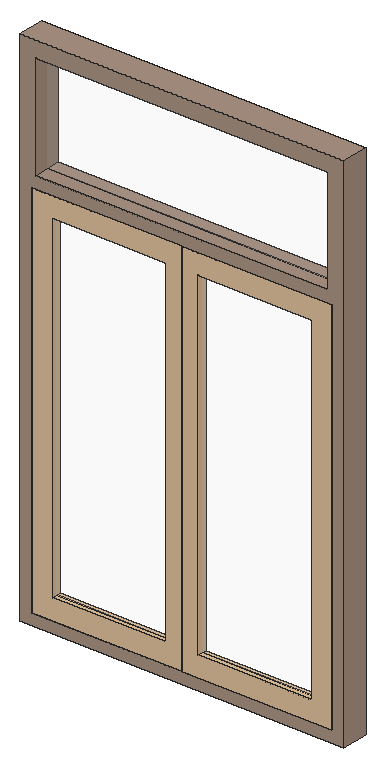
Revit family
Parameters (values of type "1200x1500 mm")
  Ventilator Height = 450 mm
  Top Rail = 60 mm
  Stile = 60 mm
  Material of Shutter = Shutter Material
  Material of Panel = Glass (2)
  Height = 1500 mm
  Frame Width = 60 mm
  Frame Depth = 100 mm
  Material of Frame = Frame Material
  Default Sill Height = 800 mm
  Wall Closure = (empty or 0)
  Width = 1200 mm
  Bottom Rail = 60 mm
Types (4, lengths in mm): name | Width
  (no name) | 1200
  1500x1500 mm | 1500
  1200x1500 mm | 1200
  1800x1500 mm | 1800
Reference planes
  plane 1: y = 0
  plane 2 "Center (Left/Right)": x = 0
  plane 3 "Left": x = -600
  plane 4 "Right": x = 600
  plane 5 "Sill": z = 800
  plane 6 "Head": z = 2300
  plane 7 "Exterior": y = 80
  plane 8 "Interior": y = -70
  plane 9: x = -540
  plane 10: x = 540
  plane 11: y = 50
  plane 12: y = -50
  plane 13: z = 2240
  plane 14: z = 860
  plane 15: x = -480
  plane 16: x = 480
  plane 17: z = 2180
  plane 18: z = 920
  plane 19: x = -60
  plane 20: x = 60
  plane 21: z = 1550
  plane 22: z = 2750
Forms (mm)
  Sweep 1, solid, material "Frame Material" <- "Material of Frame"
    path origin (0, 0, 0) x (1, 0, 0) y (0, 0, 1)
      loop
        line (-600, 800) -> (600, 800) -> (600, 2300) -> (-600, 2300) -> (-600, 800)
    profile origin (0, 0, 1550) x (-1, 0, 0) y (0, -1, 0)
      loop
        line (600, 50) -> (555, 50) -> (555, 15) -> (540, 15) -> (540, -50) -> (600, -50) -> (600, 50)
  Extrusion 2, solid, material "Shutter Material" <- "Material of Shutter"
    sketch origin (0, -50, 0) x (1, 0, 0) y (0, 0, 1)
      loop
        line (2.5, 845) -> (555, 845) -> (555, 2255) -> (2.5, 2255) -> (2.5, 845)
      loop
        line (-2.5, 845) -> (-2.5, 2255) -> (-555, 2255) -> (-555, 845) -> (-2.5, 845)
      loop
        line (-480, 2180) -> (-480, 920) -> (-60, 920) -> (-60, 2180) -> (-480, 2180)
      loop
        line (60, 2180) -> (60, 920) -> (480, 920) -> (480, 2180) -> (60, 2180)
    from 0 to -35
  Extrusion 3, solid, material "Glass (2)" <- "Material of Panel"
    sketch origin (0, 0, 920) x (0, -1, 0) y (-1, 0, 0)
      loop
        line (30.5, 60) -> (34.5, 60) -> (34.5, 480) -> (30.5, 480) -> (30.5, 60)
      loop
        line (30.5, -60) -> (30.5, -480) -> (34.5, -480) -> (34.5, -60) -> (30.5, -60)
    from 0 to -1260
  Sweep 4, solid, material "Frame Material" <- "Material of Frame"
    path origin (0, 0, 0) x (1, 0, 0) y (0, 0, 1)
      loop
        line (-600, 2300) -> (-600, 2750) -> (600, 2750) -> (600, 2300)
    profile origin (0, 0, 2525) x (-1, 0, 0) y (0, -1, 0)
      loop
        line (600, -50) -> (600, 50) -> (540, 50) -> (540, -50) -> (600, -50)
  Extrusion 5, solid, material "Glass (2)" <- "Material of Panel"
    sketch origin (0, 0, 0) x (1, 0, 0) y (0, 0, 1)
      loop
        line (-540, 2690) -> (-540, 2300) -> (540, 2300) -> (540, 2690) -> (-540, 2690)
    from -2 to 2
Cuts and joins
  joined: Sweep 1, Sweep 4
Lines and regions (mm)
  Opening 1
    outline origin (3500, -70, 0) x (1, 0, 0) y (0, 0, 1)
      loop
        line (-2900, 800) -> (-2900, 2300) -> (-2900, 2750) -> (-4100, 2750) -> (-4100, 2300) -> (-4100, 800) -> (-2900, 800)
  symbolic lines, style "Elevation Swing"
    curve 1: line (-2.5, 0, 2255) -> (-555, 0, 1550)
    curve 2: line (-2.5, 0, 845) -> (-555, 0, 1550)
    curve 3: line (2.5, 0, 845) -> (555, 0, 1550)
    curve 4: line (2.5, 0, 2255) -> (555, 0, 1550)
  symbolic lines, style "WindowsFrameMullionProjection", detail levels medium+fine
    curve 5: line (-600, 50, 0) -> (-540, 50, 0)
    curve 6: line (-540, 50, 0) -> (-540, -15, 0)
    curve 7: line (-555, -15, 0) -> (-540, -15, 0)
    curve 8: line (-555, -15, 0) -> (-555, -50, 0)
    curve 9: line (-600, -50, 0) -> (-555, -50, 0)
    curve 10: line (600, 50, 0) -> (540, 50, 0)
    curve 11: line (540, 50, 0) -> (540, -20, 0)
    curve 12: line (540, -15, 0) -> (555, -15, 0)
    curve 13: line (555, -15, 0) -> (555, -50, 0)
    curve 14: line (555, -50, 0) -> (600, -50, 0)
    curve 15: line (600, -50, 0) -> (600, 50, 0)
    curve 16: line (-600, 50, 0) -> (-600, -50, 0)
  symbolic lines, style "Plan Swing"
    curve 17: line (-555, -15, 0) -> (555, -15, 0)
    curve 18: line (-555, -50, 0) -> (555, -50, 0)
    curve 19: line (0, -15, 0) -> (0, -50, 0)
  symbolic lines, style "WindowsFrameMullionProjection", detail levels coarse
    curve 20: line (-555, -50, 0) -> (-600, -50, 0)
    curve 21: line (-555, 50, 0) -> (-555, -50, 0)
    curve 22: line (-600, 50, 0) -> (-555, 50, 0)
    curve 23: line (-600, -50, 0) -> (-600, 50, 0)
    curve 24: line (555, -50, 0) -> (600, -50, 0)
    curve 25: line (555, 50, 0) -> (555, -50, 0)
    curve 26: line (600, 50, 0) -> (555, 50, 0)
    curve 27: line (600, -50, 0) -> (600, 50, 0)
Text (mm)
  text "EXTERIOR" at (-1963.203, 1332.353, 0), in view "Ref. Level"
  text "INTERIOR" at (-1981.466, -818.386, 0), in view "Ref. Level"
  text "Exterior" at (0, 923.751, 2943.296), in view "Right"
  text "Exterior" at (0, 1040.484, 2685.409), in view "Left"
Dimensions and locks
  equal spacing: plane 3 "Left", plane 2 "Center (Left/Right)", plane 4 "Right"
  "Width": plane 3 "Left" to plane 4 "Right"
  "Height": plane 5 "Sill" to plane 6 "Head"
  "Default Sill Height": plane 5 "Sill" to level
  locked: plane 7 "Exterior" to host wall at 0
  locked: plane 8 "Interior" to host wall
  locked: Sweep 1 sketch curve to Sweep 1 sketch curve at 15
  locked: Sweep 1 sketch curve to Sweep 1 sketch curve at 35
  "Frame Width": plane 3 "Left" to plane 9
  "Frame Width": plane 10 to plane 4 "Right"
  equal spacing: plane 12, plane 1, plane 11
  "Frame Depth": plane 12 to plane 11
  "Frame Width": plane 6 "Head" to plane 13
  "Frame Width": plane 14 to plane 5 "Sill"
  "Stile": plane 15 to plane 9
  "Stile": plane 10 to plane 16
  "Stile": plane 2 "Center (Left/Right)" to plane 19
  "Stile": plane 20 to plane 2 "Center (Left/Right)"
  "Top Rail": plane 13 to plane 17
  "Bottom Rail": plane 18 to plane 14
  equal spacing: plane 6 "Head", plane 21, plane 5 "Sill"
  "Ventilator Height": plane 22 to plane 6 "Head"
  "Frame Width": Sweep 4 sketch curve to Sweep 4 sketch curve
  aligned and locked: host wall to Sweep 1 sketch curve
  aligned and locked: Sweep 1 sketch curve to host wall  (x2)
  aligned and locked: plane 12 to Sweep 1 sketch curve
  aligned and locked: Sweep 1 sketch curve to plane 3 "Left"
  aligned and locked: plane 11 to Sweep 1 sketch curve
  aligned and locked: plane 9 to Sweep 1 sketch curve
  aligned and locked: plane 15 to Extrusion 2 sketch curve
  aligned and locked: plane 17 to Extrusion 2 sketch curve  (x2)
  aligned and locked: plane 18 to Extrusion 2 sketch curve  (x2)
  aligned and locked: Extrusion 2 sketch curve to plane 19
  aligned and locked: plane 20 to Extrusion 2 sketch curve
  aligned and locked: Extrusion 2 sketch curve to plane 16
  aligned and locked: Extrusion 2 to Extrusion 3 sketch curve
  aligned and locked: Extrusion 3 to Extrusion 2  (x2)
  aligned and locked: Extrusion 2 to curve 1
  aligned and locked: curve 1 to Sweep 1
  aligned and locked: curve 2 to Extrusion 2
  aligned and locked: Extrusion 2 to curve 3
  aligned and locked: Sweep 1 to curve 3
  aligned and locked: curve 4 to Extrusion 2
  aligned and locked: curve 5 to Sweep 1  (x2)
  aligned and locked: curve 6 to Sweep 1
  aligned and locked: curve 7 to Sweep 1
  aligned and locked: Sweep 1 to curve 9
  aligned and locked: Sweep 1 to curve 10
  aligned and locked: curve 11 to Sweep 1
  aligned and locked: curve 11 to curve 12
  aligned and locked: Sweep 1 to curve 12
  aligned and locked: Sweep 1 to curve 13
  aligned and locked: curve 15 to Sweep 1
  aligned and locked: Opening 1 sketch curve to plane 3 "Left"
  aligned and locked: plane 22 to Opening 1 sketch curve
  aligned and locked: Sweep 4 sketch curve to host wall  (x3)
  aligned and locked: Sweep 4 sketch curve to Sweep 1  (x3)
  aligned and locked: Extrusion 5 sketch curve to Sweep 4  (x3)
  aligned and locked: Sweep 1 to Extrusion 5 sketch curve
  aligned and locked: curve 17 to curve 7
  aligned and locked: plane 12 to curve 18
  aligned and locked: curve 19 to plane 2 "Center (Left/Right)"
  aligned and locked: curve 27 to Sweep 1
Automatic sketch dimensions
  Extrusion 2 sketch curve to plane 9 = 15 mm
  Extrusion 2 sketch curve to plane 2 "Center (Left/Right)" = 2.5 mm
  plane 2 "Center (Left/Right)" to Extrusion 2 sketch curve = 2.5 mm
  plane 10 to Extrusion 2 sketch curve = 15 mm
  plane 14 to Extrusion 2 sketch curve = 15 mm  (x2)
  Extrusion 2 sketch curve to plane 13 = 15 mm
  Extrusion 2 sketch curve to Extrusion 2 sketch curve = 0 mm
  Extrusion 3 sketch curve to plane 20 = 0 mm
  Extrusion 3 sketch curve to plane 16 = 0 mm
  Extrusion 3 sketch curve to plane 19 = 0 mm
  Extrusion 3 sketch curve to plane 12 = 19.5 mm  (x2)
  Extrusion 3 sketch curve to Extrusion 3 sketch curve = 4 mm  (x2)
  curve 2 to plane 21 = 0 mm
  curve 4 to plane 21 = 0 mm
  curve 1 to plane 13 = 15 mm
  curve 4 to curve 1 = 0 mm
  plane 14 to curve 3 = 15 mm
  curve 2 to curve 3 = 0 mm
  Opening 1 sketch curve to plane 4 "Right" = 0 mm
  Opening 1 sketch curve to plane 5 "Sill" = 0 mm
  Opening 1 sketch curve to plane 6 "Head" = 0 mm  (x2)
  Sweep 1 sketch curve to plane 6 "Head" = 0 mm
  Sweep 4 sketch curve to plane 6 "Head" = 0 mm  (x2)
  plane 1 to Sweep 4 sketch curve = 50 mm
  plane 10 to curve 18 = 15 mm
  curve 11 to curve 12 = 5 mm
  plane 1 to curve 7 = 15 mm
